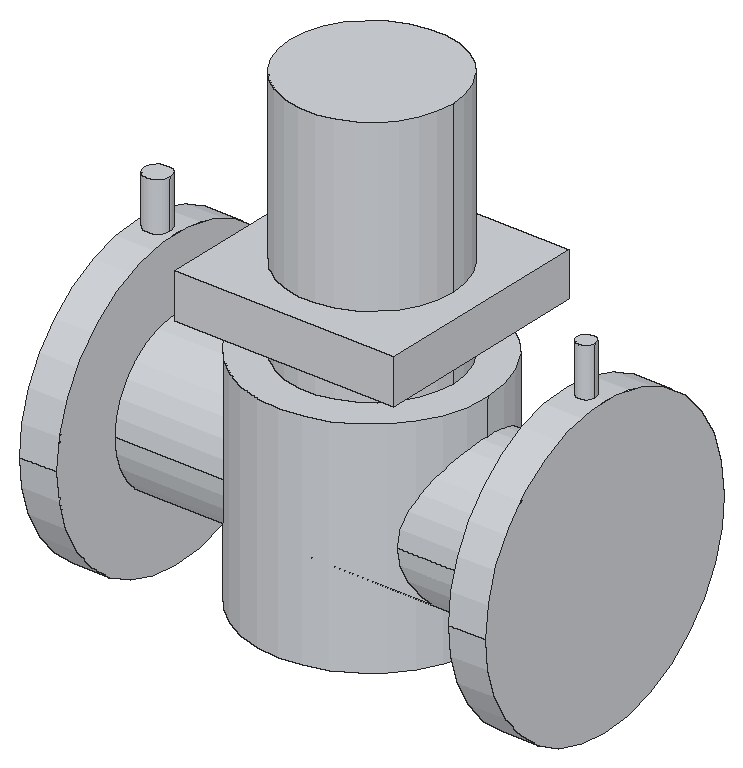
Revit family "PV_Compact_PN16_DN065_(50-200kPa)_RFA_2019", category Pipe Accessories, Revit 2019
Family settings
  Round Connector Dimension = Use Diameter
  Part Type = Valve - Breaks Into
  Work Plane-Based = No
  Always vertical = Yes
  Cut with Voids When Loaded = No
  Shared = No
Parameters (values of type "PV Compact PN16 DN065 (50-200kPa)")
  magiProductId = "62e5150a15b74f6ebf91ec17767c09"
  magiProductFamilyId = "c8b2eac19a98445b953ec5ab518664"
  magiPartTypeId = 304
  isMeasuringValve [instance] = no
  ang2D [instance] = 0.00°
  W2D = 50 mm
  VersionID = "2.0/2018.12.13.2/FRESE_PV_COMPACT_BIG_Q13_001"
  Use Minimum Symbol Size [instance] = no
  URL = "www.hydronic.cz"
  Type Comments = "PŘÍRUBOVÝ; PN16; dpmax=1000kPa; -10~+120°C"
  R4 = 50.75 mm
  R3 = 48.1 mm
  R1 = 72.5 mm
  QmdConnectorList = "301;D;302;D"
  Productdata [instance] = ""
  Manufacturer = "Hydronic Systems Prague s.r.o."
  Maintenance Zone Under Depth [instance] = 100 mm
  Maintenance Zone Right Depth [instance] = 100 mm
  Maintenance Zone Over Depth [instance] = 100 mm
  Maintenance Zone Left Depth [instance] = 100 mm
  Maintenance Zone Front Depth [instance] = 100 mm
  Maintenance Zone Back Depth [instance] = 100 mm
  Maintenance Zone Front Visibility [instance] = no
  MC Use Limits From Balancing Method = no
  MC Throttling Minimum Value = 0
  MC Throttling Maximum Value = 0
  MC Product Code = "53-3304 DN065 PN16; nastavitelný rozsah dp=50~200kPa; Q=7,4~29,7 m3/h;  kvs=42"
  MC Pressure Drop Minimum Value = 0.0 Pa
  MC Pressure Drop Maximum Value = 0.0 Pa
  MC Piping Given Pressure Drop [instance] = 0.0 Pa
  LF__ve = -LF  # -23.2 mm
  LF2 = 11.6 mm
  LF = 23.2 mm
  L4 = 136.3 mm
  L3 = 243.6 mm
  L2D_Min = 30.48 mm
  L2D = 230 mm
  L2 = 145 mm
  H6 = 105.25 mm
  H4 = 27.75 mm
  H3 = 23.125 mm
  H2 = 69.375 mm
  H1 = 138.75 mm
  Description = "Nastavitelný regulátor tlakové diference"
  DF2 = 92.5 mm
  D = 65 mm
  Clearance Zone Height Depth [instance] = 100 mm
  Clearance Zone Circular Radius [instance] = 145 mm
  Clearance Zone Visibility [instance] = no
  CAT0 = yes
Types (4, lengths in mm): name | magiProductId | R4 | R3 | R1 | MC Product Code | LF__ve | LF2 | LF | L4 | L3 | L2 | H6 | H4 | H3 | H2 | H1 | DF2 | D | Clearance Zone Circular Radius
  PV Compact PN16 DN050 (50-200kPa) | "81e9f5a937864fb894d80a4a75c60c" | 40.25 | 42.9 | 57.5 | "53-3301 DN050 PN16; nastavitelný rozsah dp=50~200kPa; Q=5,1~20,5 m3/h;  kvs=29" | -18.4 | 9.2 | 18.4 | 108.1 | 193.2 | 115 | 82.25 | 24.75 | 20.625 | 61.875 | 123.75 | 82.5 | 50 | 115
  PV Compact PN16 DN065 (50-200kPa) | "62e5150a15b74f6ebf91ec17767c09" | 50.75 | 48.1 | 72.5 | "53-3304 DN065 PN16; nastavitelný rozsah dp=50~200kPa; Q=7,4~29,7 m3/h;  kvs=42" | -23.2 | 11.6 | 23.2 | 136.3 | 243.6 | 145 | 105.25 | 27.75 | 23.125 | 69.375 | 138.75 | 92.5 | 65 | 145
  PV Compact PN16 DN080 (50-200kPa) | "56ecf79d7ca14ffb95f20ac45086c0" | 54.25 | 52 | 77.5 | "53-3307 DN080 PN16; nastavitelný rozsah dp=50~200kPa; Q=20,5~82,1 m3/h;  kvs=67" | -24.8 | 12.4 | 24.8 | 145.7 | 260.4 | 155 | 141 | 30 | 25 | 75 | 150 | 100 | 80 | 155
  PV Compact PN16 DN100 (50-200kPa) | "238894349c704e30980898d6a42884" | 61.25 | 61.1 | 87.5 | "53-3310 DN100 PN16; nastavitelný rozsah dp=50~200kPa; Q=20,3~81,3 m3/h;  kvs=115" | -28 | 14 | 28 | 164.5 | 294 | 175 | 234.75 | 35.25 | 29.375 | 88.125 | 176.25 | 117.5 | 100 | 175
Reference planes
  plane 1 "Center (Front/Back)": y = 0
  plane 2 "XYPLANE": z = 0
  plane 3 "Center (Left/Right)": x = 0
  plane 4 "257": y = -92.5
  plane 5 "256": y = 92.5
  plane 6 "255": z = -92.5
  plane 7 "254": y = -192.5
  plane 8 "253": y = 192.5
  plane 9 "252": x = -245
  plane 10 "251": x = 245
  plane 11 "250": z = 325.5
  plane 12 "249": z = -192.5
  plane 13 "248": z = 325.5
  plane 14 "247": z = 225.5
  plane 15 "157": x = 133.4
  plane 16 "156": x = -133.4
  plane 17 "155": z = 92.5
  plane 18 "154": z = 120.25
  plane 19 "153": z = 92.5
  plane 20 "152": z = 69.375
  plane 21 "151": x = -121.8
  plane 22 "150": z = -69.375
  plane 23 "149": x = 0
  plane 24 "148": y = 0
  plane 25 "147": z = 0
  plane 26 "146": x = -145
  plane 27 "145": x = 145
Forms (mm)
  Blend 1, solid, visible <- "Maintenance Zone Front Visibility"
    base sketch origin (-750, 0, -192.5) x (1, 0, 0) y (0, 1, 0)
      loop
        line (505, 192.5) -> (505, -192.5) -> (995, -192.5) -> (995, 192.5) -> (505, 192.5)
    top sketch origin (-750, 0, -192.5) x (1, 0, 0) y (0, 1, 0)
      loop
        line (505, 192.5) -> (505, -192.5) -> (995, -192.5) -> (995, 192.5) -> (505, 192.5)
    from 0 to 518
  Blend 2, solid, visible <- "Clearance Zone Visibility"
    base sketch origin (-750, 0, 0) x (1, 0, 0) y (0, 1, 0)
      loop
        circle (750, 0) r 145
    top sketch origin (-750, 0, 0) x (1, 0, 0) y (0, 1, 0)
      loop
        circle (750, 0) r 145
    from 0 to 325.5
  Extrusion 3, solid, visible <- "CAT0"
    sketch origin (-750, 0, 92.5) x (1, 0, 0) y (0, 1, 0)
      loop
        circle (883.4, 0) r 5.5
    from 0 to 30
  Extrusion 4, solid, visible <- "CAT0"
    sketch origin (-750, 0, 92.5) x (1, 0, 0) y (0, 1, 0)
      loop
        circle (616.6, 0) r 7.9
    from 0 to 30
  Extrusion 5, solid
    sketch origin (-750, 0, 120.25) x (1, 0, 0) y (0, 1, 0)
      loop
        circle (750, 0) r 50.75
    from 0 to 105.25 <- "H6"
  Extrusion 6, solid, visible <- "CAT0"
    sketch origin (-750, 0, 92.5) x (1, 0, 0) y (0, 1, 0)
      loop
        line (818.15, 68.15) -> (681.85, 68.15) -> (681.85, -68.15) -> (818.15, -68.15) -> (818.15, 68.15)
    from 0 to 27.75 <- "H4"
  Extrusion 7, solid, visible <- "CAT0"
    sketch origin (-750, 0, 69.375) x (1, 0, 0) y (0, 1, 0)
      loop
        circle (750, 0) r 50.75
    from 0 to 23.125 <- "H3"
  Extrusion 8, solid, visible <- "CAT0"
    sketch origin (-121.8, -750, 0) x (0, 1, 0) y (0, 0, 1)
      loop
        circle (750, 0) r 48.1
    from 0 to 243.6 <- "L3"
  Extrusion 9, solid, visible <- "CAT0"
    sketch origin (-750, 0, -69.375) x (1, 0, 0) y (0, 1, 0)
      loop
        circle (750, 0) r 72.5
    from 0 to 138.75 <- "H1"
  Extrusion 10, solid, visible <- "CAT0"
    sketch origin (-145, -750, 0) x (0, 1, 0) y (0, 0, 1)
      loop
        circle (750, 0) r 92.5
    from 0 to 23.2 <- "LF"
  Extrusion 11, solid, visible <- "CAT0"
    sketch origin (145, -750, 0) x (0, 1, 0) y (0, 0, 1)
      loop
        circle (750, 0) r 92.5
    from 0 to -23.2 <- "LF__ve"
  Extrusion 12, solid, not visible
    sketch origin (-145, -750, 0) x (0, 1, 0) y (0, 0, 1)
      loop
        circle (750, 0) r 10
    from 0 to 10
  Extrusion 13, solid, not visible
    sketch origin (145, -750, 0) x (0, 1, 0) y (0, 0, 1)
      loop
        circle (750, 0) r 10
    from 0 to -10
Lines and regions (mm)
  reference lines, not visible
    curve 1: circle (2, 2, 0) r 1 normal (0, 0, 1)
  reference lines
    curve 2: circle (0, 0, 92.5) r 1 normal (0, 0, 1)
Dimensions and locks
  plane 1 "Center (Front/Back)" to curve 1 = 2 mm
  "DF2": plane 24 "148" to plane 4 "257"
  "DF2": plane 24 "148" to plane 5 "256"
  "DF2": plane 25 "147" to plane 6 "255"
  "Maintenance Zone Front Depth": plane 4 "257" to plane 7 "254"
  "Maintenance Zone Back Depth": plane 5 "256" to plane 8 "253"
  "Maintenance Zone Left Depth": plane 26 "146" to plane 9 "252"
  "Maintenance Zone Right Depth": plane 27 "145" to plane 10 "251"
  "Maintenance Zone Over Depth": plane 14 "247" to plane 11 "250"
  "Maintenance Zone Under Depth": plane 6 "255" to plane 12 "249"
  "Clearance Zone Height Depth": plane 14 "247" to plane 13 "248"
  "H6": plane 18 "154" to plane 14 "247"
  "LF2": plane 27 "145" to plane 15 "157"
  "LF2": plane 26 "146" to plane 16 "156"
  "DF2": plane 2 "XYPLANE" to plane 17 "155"
  "H4": plane 19 "153" to plane 18 "154"
  "H3": plane 20 "152" to plane 19 "153"
  "H1": plane 22 "150" to plane 20 "152"
  "LF": plane 26 "146" to plane 21 "151"
  "H2": plane 2 "XYPLANE" to plane 22 "150"
  locked: plane 3 "Center (Left/Right)" to plane 23 "149"
  locked: plane 1 "Center (Front/Back)" to plane 24 "148"
  locked: plane 2 "XYPLANE" to plane 25 "147"
  "L2": plane 3 "Center (Left/Right)" to plane 26 "146"
  "L2": plane 3 "Center (Left/Right)" to plane 27 "145"
  Blend 1 sketch curve to Blend 1 sketch curve = 0 mm  (x16)
  equal spacing: Extrusion 6 sketch curve, curve 2, Extrusion 6 sketch curve  (x2)
  "L4": Extrusion 6 sketch curve to Extrusion 6 sketch curve  (x2)
  Extrusion 6 sketch curve to Extrusion 6 sketch curve = 0 mm  (x8)
  "Clearance Zone Circular Radius": radius of Blend 2 sketch curve  (x2)
  "R4": radius of Extrusion 5 sketch curve
  "R4": radius of Extrusion 7 sketch curve
  "R3": radius of Extrusion 8 sketch curve
  "R1": radius of Extrusion 9 sketch curve
  "DF2": radius of Extrusion 10 sketch curve
  "DF2": radius of Extrusion 11 sketch curve
  aligned and locked: level to plane 2 "XYPLANE"
  aligned and locked: Blend 1 sketch curve to plane 8 "253"  (x2)
  aligned and locked: plane 9 "252" to Blend 1 sketch curve  (x4)
  aligned and locked: plane 10 "251" to Blend 1 sketch curve  (x4)
  aligned and locked: plane 8 "253" to Blend 1 sketch curve  (x2)
  aligned and locked: plane 7 "254" to Blend 1 sketch curve  (x4)
  aligned and locked: plane 11 "250" to Blend 1
  aligned and locked: plane 23 "149" to Blend 2 sketch curve  (x2)
  aligned and locked: plane 24 "148" to Blend 2 sketch curve  (x2)
  aligned and locked: plane 13 "248" to Blend 2
  aligned and locked: plane 15 "157" to Extrusion 3 sketch curve
  aligned and locked: plane 24 "148" to Extrusion 3 sketch curve
  aligned and locked: plane 16 "156" to Extrusion 4 sketch curve
  aligned and locked: plane 24 "148" to Extrusion 4 sketch curve
  aligned and locked: plane 23 "149" to Extrusion 5 sketch curve
  aligned and locked: plane 24 "148" to Extrusion 5 sketch curve
  aligned and locked: plane 23 "149" to curve 2
  aligned and locked: plane 24 "148" to curve 2
  aligned and locked: plane 23 "149" to Extrusion 7 sketch curve
  aligned and locked: plane 24 "148" to Extrusion 7 sketch curve
  aligned and locked: Extrusion 8 sketch curve to plane 24 "148"
  aligned and locked: plane 25 "147" to Extrusion 8 sketch curve
  aligned and locked: plane 23 "149" to Extrusion 9 sketch curve
  aligned and locked: plane 24 "148" to Extrusion 9 sketch curve
  aligned and locked: Extrusion 10 sketch curve to plane 24 "148"
  aligned and locked: plane 25 "147" to Extrusion 10 sketch curve
  aligned and locked: Extrusion 11 sketch curve to plane 24 "148"
  aligned and locked: plane 25 "147" to Extrusion 11 sketch curve
  aligned and locked: Extrusion 12 sketch curve to plane 24 "148"
  aligned and locked: plane 25 "147" to Extrusion 12 sketch curve
  aligned and locked: Extrusion 13 sketch curve to plane 24 "148"
  aligned and locked: plane 25 "147" to Extrusion 13 sketch curve
Automatic sketch dimensions
  Extrusion 3 sketch curve to plane 15 "157" = 5.5 mm
  plane 26 "146" to Extrusion 4 sketch curve = 3.7 mm
  plane 1 "Center (Front/Back)" to Extrusion 12 sketch curve = 10 mm
  plane 1 "Center (Front/Back)" to Extrusion 13 sketch curve = 10 mm
  plane 3 "Center (Left/Right)" to curve 1 = 2 mm
  plane 21 "151" to Extrusion 6 sketch curve = 53.65 mm
  plane 4 "257" to Extrusion 6 sketch curve = 24.35 mm
  radius of curve 2 = 1 mm
  radius of curve 1 = 1 mm
Connectors
  piping at (-145, 0, 0), diameter 65, driven by "D"
    settings: on Extrusion 12, index 1, connector inside diameter 609.6 mm, connector length 0 mm, flow factor 0, pipe flow 0.0 L/s, pressure drop 0.0 Pa, fitting loss kfactor 0, connector angle 0.00°, fixture units 0, engagement length 0 mm, angle of deflection 0.00°, flow configuration 0, flow direction 0, fitting loss method 0, system type 29, joint type 0, gender type 0, connector reference index 2, connector utility 0, adjustable connector no, is connector primary yes, connector description ""
  piping at (145, 0, 0), diameter 65, driven by "D"
    settings: on Extrusion 13, index 2, connector inside diameter 609.6 mm, connector length 0 mm, flow factor 0, pipe flow 0.0 L/s, pressure drop 0.0 Pa, fitting loss kfactor 0, connector angle 0.00°, fixture units 0, engagement length 0 mm, angle of deflection 0.00°, flow configuration 0, flow direction 0, fitting loss method 0, system type 29, joint type 0, gender type 0, connector reference index 1, connector utility 0, adjustable connector no, is connector primary no, connector description ""
